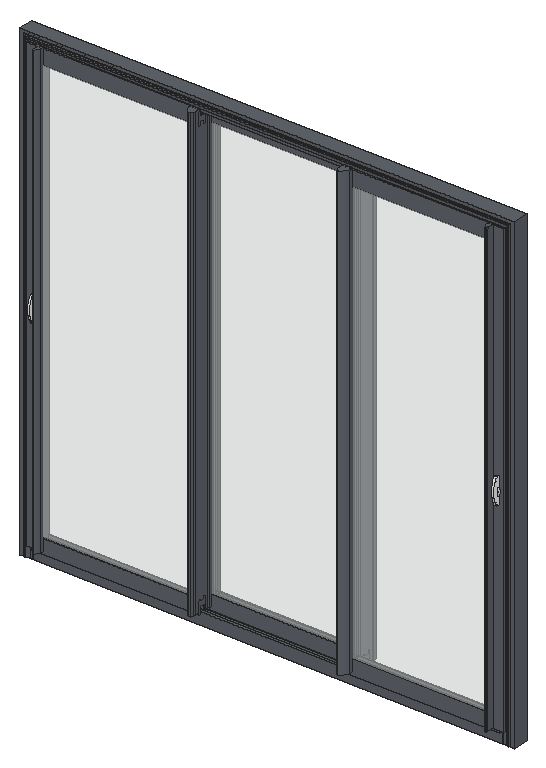
Revit family "Wicslide_65_Glass24_3_leaf_2_track_independent", category Doors, host Wall, Revit 2014 (continued)
Definition of nested family "Leaf_Wicslide_65_2_leaf_2_track_both_sliding_or_1_fixed_1slide_duble"
  Definition of nested family "window_2_pieces_glass_line"
    Dimensions and locks
      aligned and locked: curve 5 to curve 6
      aligned and locked: curve 6 to plane 8
      aligned and locked: curve 5 to curve 7
      aligned and locked: curve 7 to plane 9
      aligned and locked: plane 1 "Center (Front/Back)" to curve 9
      aligned and locked: curve 9 to plane 3 "Left"
      aligned and locked: curve 2 to curve 8
      aligned and locked: curve 3 to curve 8
      aligned and locked: curve 8 to plane 4 "Right"
      aligned and locked: curve 4 to curve 7
      aligned and locked: curve 4 to curve 6
    Automatic sketch dimensions
      curve 5 to plane 4 "Right" = 0 mm
      curve 4 to plane 4 "Right" = 0 mm
      curve 3 to plane 4 "Right" = 0 mm
      curve 2 to plane 4 "Right" = 0 mm
  Definition of nested family "Sash Verticals_1041260"
    Reference planes
      plane 1 "Center (Front/Back)": y = 0
      plane 2: z = 0
      plane 3 "Center (Left/Right)": x = 0
      plane 4: y = -36
      plane 5: y = -18
    Lines and regions (mm)
      Filled region 1, type "Concrete", in view "Ref. Level", detail levels medium
        outline origin (18.997, 3.58, 0) x (1, 0, 0) y (0, 1, 0)
          loop
            line (-18.997, -3.58) -> (-18.997, -39.58) -> (49.003, -39.58) -> (49.003, -33.697) -> (37.039, -33.697) -> (37.039, -9.697) -> (49.003, -9.697) -> (49.003, -3.58) -> (-18.997, -3.58)
      model lines, style "GLAS", in view "Ref. Level", detail levels fine
        curve 1: line (96.036, -6.117, 0) -> (56.036, -6.117, 0)
        curve 2: line (56.036, -6.117, 0) -> (56.036, -30.117, 0)
        curve 3: line (56.036, -30.117, 0) -> (96.036, -30.117, 0)
  Definition of nested family "Sash meeting 3041240"
    Reference planes
      plane 1 "Center (Front/Back)": y = 0
      plane 2: z = 0
      plane 3 "Center (Left/Right)": x = 0
      plane 4: y = -36
      plane 5: y = -18
      plane 6: x = 18.975
    Lines and regions (mm)
      Filled region 1, type "Concrete", in view "Ref. Level", detail levels medium
        outline origin (18.997, 3.58, 0) x (1, 0, 0) y (0, 1, 0)
          loop
            line (-0.022, -39.58) -> (-0.022, 5.873) -> (-18.997, 5.873) -> (-18.997, -3.58) -> (-38.023, -3.58) -> (-38.023, -9.697) -> (-26.02, -9.697) -> (-26.02, -33.697) -> (-38.023, -33.697) -> (-38.023, -39.58) -> (-0.022, -39.58)
      detail lines, style "GLAS", in view "Ref. Level", detail levels fine
        curve 1: line (-47.023, -6.117, 0) -> (-7.023, -6.117, 0)
        curve 2: line (-7.023, -6.117, 0) -> (-7.023, -30.117, 0)
        curve 3: line (-7.023, -30.117, 0) -> (-47.023, -30.117, 0)
  Definition of nested family "Sash_horizontal_1041264"
    Reference planes
      plane 1 "Center (Front/Back)": y = 0
      plane 2: z = 0
      plane 3 "Center (Left/Right)": x = 0
    Lines and regions (mm)
      Filled region 1, type "Concrete", in view "Ref. Level", detail levels medium
        outline origin (18.997, 3.58, 0) x (1, 0, 0) y (0, 1, 0)
          loop
            line (-35.168, -8.845) -> (-2.968, -8.845) -> (-2.968, 59.155) -> (-6.959, 59.155) -> (-6.959, 43.054) -> (-30.959, 43.054) -> (-30.959, 59.155) -> (-35.168, 59.155) -> (-35.168, -8.845)
      detail lines, style "GLAS", in view "Ref. Level", detail levels fine
        curve 1: line (-11.963, 46.634, 0) -> (-11.963, 86.634, 0)
        curve 2: line (12.037, 86.634, 0) -> (12.037, 46.634, 0)
        curve 26: line (-11.963, 86.634, 0) -> (-11.963, 46.634, 0)
        curve 27: line (-11.963, 46.634, 0) -> (12.037, 46.634, 0)
        curve 28: line (12.037, 46.634, 0) -> (12.037, 86.634, 0)
      detail lines, style "CENT3", in view "Ref. Level", not visible
        curve 3: line (123.517, -4.599, 0) -> (123.517, -38.599, 0)
      detail lines, style "GLAS", in view "Ref. Level", not visible
        curve 4: line (83.517, -9.599, 0) -> (123.517, -9.599, 0)
        curve 5: line (123.517, -9.599, 0) -> (123.517, -14.599, 0)
        curve 6: line (123.517, -14.599, 0) -> (83.517, -14.599, 0)
        curve 7: line (83.517, -14.599, 0) -> (83.517, -9.599, 0)
        curve 8: line (83.517, -28.599, 0) -> (123.517, -28.599, 0)
        curve 9: line (123.517, -28.599, 0) -> (123.517, -33.599, 0)
        curve 10: line (123.517, -33.599, 0) -> (83.517, -33.599, 0)
        curve 11: line (83.517, -33.599, 0) -> (83.517, -28.599, 0)
        curve 12: line (83.517, -10.599, 0) -> (123.517, -10.599, 0)
        curve 13: line (83.517, -11.599, 0) -> (123.517, -11.599, 0)
        curve 14: line (83.517, -12.599, 0) -> (123.517, -12.599, 0)
        curve 15: line (83.517, -13.599, 0) -> (123.517, -13.599, 0)
        curve 16: line (83.517, -14.599, 0) -> (123.517, -14.599, 0)
        curve 17: line (93.517, -14.599, 0) -> (93.517, -28.599, 0)
        curve 18: line (83.517, -28.599, 0) -> (123.517, -28.599, 0)
        curve 19: line (83.517, -29.599, 0) -> (123.517, -29.599, 0)
        curve 20: line (83.517, -30.599, 0) -> (123.517, -30.599, 0)
        curve 21: line (83.517, -31.599, 0) -> (123.517, -31.599, 0)
        curve 22: line (83.517, -32.599, 0) -> (123.517, -32.599, 0)
        curve 23: line (123.517, -9.599, 0) -> (83.517, -9.599, 0)
        curve 24: line (83.517, -9.599, 0) -> (83.517, -33.599, 0)
        curve 25: line (83.517, -33.599, 0) -> (123.517, -33.599, 0)
      detail lines, style "GLAS", in view "Ref. Level", not visible, detail levels fine
        curve 29: line (56.036, -6.117, 0) -> (96.036, -6.117, 0)
        curve 30: line (96.036, -30.117, 0) -> (56.036, -30.117, 0)
        curve 31: line (96.036, -6.117, 0) -> (56.036, -6.117, 0)
        curve 32: line (56.036, -6.117, 0) -> (56.036, -30.117, 0)
        curve 33: line (56.036, -30.117, 0) -> (96.036, -30.117, 0)
  Definition of nested family "Sash Verticals_1041261"
    Reference planes
      plane 1 "Center (Front/Back)": y = 0
      plane 2: z = 0
      plane 3 "Center (Left/Right)": x = 0
      plane 4: y = -36
      plane 5: y = -18
    Lines and regions (mm)
      Filled region 1, type "Concrete", in view "Ref. Level", detail levels medium
        outline origin (18.997, 3.58, 0) x (1, 0, 0) y (0, 1, 0)
          loop
            line (-18.997, -3.58) -> (-18.997, -62.58) -> (49.003, -62.58) -> (49.003, -33.697) -> (37.039, -33.697) -> (37.039, -9.697) -> (49.003, -9.697) -> (49.003, -3.58) -> (-18.997, -3.58)
      model lines, style "GLAS", in view "Ref. Level", detail levels fine
        curve 1: line (96.036, -6.117, 0) -> (56.036, -6.117, 0)
        curve 2: line (56.036, -6.117, 0) -> (56.036, -30.117, 0)
        curve 3: line (56.036, -30.117, 0) -> (96.036, -30.117, 0)
  Definition of nested family "Sash Verticals_1041262"
    Reference planes
      plane 1 "Center (Front/Back)": y = 0
      plane 2: z = 0
      plane 3 "Center (Left/Right)": x = 0
      plane 4: y = -36
      plane 5: y = -18
    Lines and regions (mm)
      Filled region 1, type "Concrete", in view "Ref. Level", detail levels medium
        outline origin (18.997, 3.58, 0) x (1, 0, 0) y (0, 1, 0)
          loop
            line (-18.997, -3.58) -> (-18.997, -39.58) -> (-2.997, -39.58) -> (-2.997, -59.58) -> (49.003, -59.58) -> (49.003, -33.697) -> (37.039, -33.697) -> (37.039, -9.697) -> (49.003, -9.697) -> (49.003, -3.58) -> (-18.997, -3.58)
      model lines, style "GLAS", in view "Ref. Level", detail levels fine
        curve 1: line (96.036, -6.117, 0) -> (56.036, -6.117, 0)
        curve 2: line (56.036, -6.117, 0) -> (56.036, -30.117, 0)
        curve 3: line (56.036, -30.117, 0) -> (96.036, -30.117, 0)
  Definition of nested family "Sash Verticals_1041263"
    Reference planes
      plane 1 "Center (Front/Back)": y = 0
      plane 2: z = 0
      plane 3 "Center (Left/Right)": x = 0
      plane 4: y = -36
      plane 5: y = -18
    Lines and regions (mm)
      Filled region 1, type "Concrete", in view "Ref. Level", detail levels medium
        outline origin (18.997, 3.58, 0) x (1, 0, 0) y (0, 1, 0)
          loop
            line (-18.997, -3.58) -> (-18.997, -39.58) -> (32.003, -39.58) -> (32.003, -64.58) -> (33.69, -72.495) -> (34.775, -73.58) -> (38.085, -73.58)
            arc (38.085, -73.58) -> (45.468, -61.921) -> (49.003, -48.58) r 45.352
            line (49.003, -48.58) -> (49.003, -33.697) -> (37.039, -33.697) -> (37.039, -9.697) -> (49.003, -9.697) -> (49.003, -3.58) -> (-18.997, -3.58)
      model lines, style "GLAS", in view "Ref. Level", detail levels fine
        curve 1: line (96.036, -6.117, 0) -> (56.036, -6.117, 0)
        curve 2: line (56.036, -6.117, 0) -> (56.036, -30.117, 0)
        curve 3: line (56.036, -30.117, 0) -> (96.036, -30.117, 0)
  Definition of nested family "Sash meeting_3041241"
    Reference planes
      plane 1 "Center (Front/Back)": y = 0
      plane 2: z = 0
      plane 3 "Center (Left/Right)": x = 0
      plane 4: y = -36
      plane 5: y = -18
      plane 6: x = 18.975
    Lines and regions (mm)
      Filled region 1, type "Concrete", in view "Ref. Level", detail levels medium
        outline origin (18.997, 3.58, 0) x (1, 0, 0) y (0, 1, 0)
          loop
            line (-0.022, -74.38) -> (-0.022, 5.873) -> (-18.997, 5.873) -> (-18.997, -3.58) -> (-38.023, -3.58) -> (-38.023, -9.697) -> (-26.02, -9.697) -> (-26.02, -33.697) -> (-38.023, -33.697) -> (-38.023, -74.38) -> (-0.022, -74.38)
      detail lines, style "GLAS", in view "Ref. Level", detail levels fine
        curve 1: line (-47.023, -6.117, 0) -> (-7.023, -6.117, 0)
        curve 2: line (-7.023, -6.117, 0) -> (-7.023, -30.117, 0)
        curve 3: line (-7.023, -30.117, 0) -> (-47.023, -30.117, 0)
  Definition of nested family "Sash meeting_3041242"
    Reference planes
      plane 1 "Center (Front/Back)": y = 0
      plane 2: z = 0
      plane 3 "Center (Left/Right)": x = 0
      plane 4: y = -36
      plane 5: y = -18
      plane 6: x = 18.975
    Lines and regions (mm)
      Filled region 1, type "Concrete", in view "Ref. Level", detail levels medium
        outline origin (18.997, 3.58, 0) x (1, 0, 0) y (0, 1, 0)
          loop
            line (-0.022, -59.127) -> (-0.022, 5.873) -> (-18.997, 5.873) -> (-18.997, -3.58) -> (-38.023, -3.58) -> (-38.023, -9.697) -> (-26.02, -9.697) -> (-26.02, -33.697) -> (-38.023, -33.697) -> (-38.023, -48.32)
            arc (-38.023, -48.32) -> (-28.034, -66.62) -> (-11.546, -79.38) r 50.906
            line (-11.546, -79.38) -> (-5.862, -79.38) -> (-4.003, -78.378) -> (-1.018, -67.237) -> (-0.022, -59.127)
      detail lines, style "GLAS", in view "Ref. Level", detail levels fine
        curve 1: line (-47.023, -6.117, 0) -> (-7.023, -6.117, 0)
        curve 2: line (-7.023, -6.117, 0) -> (-7.023, -30.117, 0)
        curve 3: line (-7.023, -30.117, 0) -> (-47.023, -30.117, 0)
  Definition of nested family "Sash_lock"
    Reference planes
      plane 1 "Center (Front/Back)": y = 0
      plane 2: z = 0
      plane 3 "Center (Left/Right)": x = 0
      plane 4: y = -36
      plane 5: y = -18
  Definition of nested family "wicona_handle_2d"
    Reference planes
      plane 1 "Center (Front/Back)": y = 0
      plane 2: z = 0
      plane 3 "Center (Left/Right)": x = 0
    Lines and regions (mm)
      Filled region 1, type "Concrete", in view "Ref. Level", detail levels medium
        outline origin (18.997, 3.58, 0) x (1, 0, 0) y (0, 1, 0)
          loop
            line (-32.997, -3.58) -> (-32.997, -9.933) -> (-24.997, -13.663) -> (-24.997, -27.833) -> (-22.937, -29.893) -> (-14.406, -29.893) -> (-13.407, -28.894) -> (-12.884, -13.903) -> (-10.056, -13.145) -> (-10.056, -16.127) -> (-7.132, -23.016) -> (0.376, -23.016) -> (1.978, -21.414) -> (0.932, -15.482) -> (-2.662, -8.313) -> (-7.394, -3.58) -> (-32.997, -3.58)
      model lines, style "PIECES", in view "Ref. Level", detail levels fine
        curve 1: arc (14, -1.6, 0) -> (13.707, -0.893, 0) -> (13, -0.6, 0) r 1
        curve 2: arc (6.221, -10.26, 0) -> (7.596, -9.888, 0) -> (8.949, -9.443, 0) r 26.5
        curve 3: arc (-13.393, -7.367, 0) -> (-9.913, -9.076, 0) -> (-6.221, -10.26, 0) r 26.5
        curve 4: arc (11.211, -7.242, 0) -> (11.535, -6.913, 0) -> (11.677, -6.473, 0) r 1
        curve 5: line (11.793, -0.6, 0) -> (12.052, -0.6, 0)
        curve 6: line (12.052, -0.6, 0) -> (13, -0.6, 0)
        curve 7: line (8.949, -12.262, 0) -> (8.949, -8.492, 0)
        curve 8: line (-4.591, -26.312, 0) -> (4.591, -26.312, 0)
        curve 9: line (-5.814, -25, 0) -> (-6.068, -10.451, 0)
        curve 10: line (-6.068, -10.451, 0) -> (-6.221, -10.26, 0)
        curve 11: line (5.815, -24.927, 0) -> (6.068, -10.451, 0)
        curve 12: line (6.068, -10.451, 0) -> (6.221, -10.26, 0)
        curve 13: line (11.211, -7.242, 0) -> (10.341, -7.762, 0)
        curve 14: line (10.341, -7.762, 0) -> (9.463, -8.24, 0)
        curve 15: line (9.463, -8.24, 0) -> (8.565, -8.68, 0)
        curve 16: line (8.565, -8.68, 0) -> (7.649, -9.083, 0)
        curve 17: line (7.505, -9.142, 0) -> (7.006, -9.364, 0)
        curve 18: line (-13.393, -7.367, 0) -> (-13.886, -6.543, 0)
        curve 19: line (-13.886, -6.543, 0) -> (-14, 0, 0)
        curve 20: line (-14, 0, 0) -> (11.805, 0, 0)
        curve 21: line (11.805, 0, 0) -> (11.786, -1, 0)
        curve 22: line (11.786, -1, 0) -> (11.766, -2, 0)
        curve 23: line (11.766, -2, 0) -> (11.747, -2.999, 0)
        curve 24: line (11.747, -2.999, 0) -> (11.727, -3.999, 0)
        curve 25: line (11.727, -3.999, 0) -> (11.708, -4.999, 0)
        curve 26: line (11.708, -4.999, 0) -> (11.688, -5.999, 0)
        curve 27: line (11.688, -5.999, 0) -> (11.68, -6.413, 0)
        curve 28: line (12.793, -0.754, 0) -> (13.413, -1.137, 0)
        curve 29: line (13.413, -1.137, 0) -> (14.151, -1.812, 0)
        curve 30: line (14.151, -1.812, 0) -> (14.853, -2.523, 0)
        curve 31: line (14.853, -2.523, 0) -> (15.519, -3.269, 0)
        curve 32: line (15.519, -3.269, 0) -> (16.149, -4.046, 0)
        curve 33: line (16.149, -4.046, 0) -> (16.743, -4.851, 0)
        curve 34: line (16.743, -4.851, 0) -> (17.301, -5.68, 0)
        curve 35: line (17.301, -5.68, 0) -> (17.61, -6.174, 0)
        curve 36: line (12.052, -0.6, 0) -> (12.765, -0.743, 0)
        curve 37: line (17.643, -6.231, 0) -> (18.091, -7.125, 0)
        curve 38: line (18.091, -7.125, 0) -> (18.508, -8.034, 0)
        curve 39: line (18.508, -8.034, 0) -> (18.897, -8.955, 0)
        curve 40: line (18.897, -8.955, 0) -> (19.257, -9.888, 0)
        curve 41: line (19.257, -9.888, 0) -> (19.59, -10.831, 0)
        curve 42: line (19.59, -10.831, 0) -> (19.895, -11.783, 0)
        curve 43: line (19.895, -11.783, 0) -> (20.172, -12.744, 0)
        curve 44: line (20.172, -12.744, 0) -> (20.422, -13.712, 0)
        curve 45: line (20.422, -13.712, 0) -> (20.645, -14.687, 0)
        curve 46: line (20.645, -14.687, 0) -> (20.841, -15.667, 0)
        curve 47: line (20.841, -15.667, 0) -> (21.011, -16.653, 0)
        curve 48: line (21.011, -16.653, 0) -> (21.043, -16.863, 0)
        curve 49: line (21.043, -16.863, 0) -> (20.974, -17.852, 0)
        curve 50: line (20.974, -17.852, 0) -> (20.702, -18.43, 0)
        curve 51: line (20.702, -18.43, 0) -> (20.014, -19.149, 0)
        curve 52: line (20.014, -19.149, 0) -> (19.107, -19.554, 0)
        curve 53: line (19.107, -19.554, 0) -> (18.664, -19.6, 0)
        curve 54: line (18.664, -19.6, 0) -> (16.934, -19.6, 0)
        curve 55: line (16.934, -19.6, 0) -> (15.934, -19.6, 0)
        curve 56: line (15.934, -19.6, 0) -> (14.934, -19.6, 0)
        curve 57: line (14.934, -19.6, 0) -> (13.934, -19.6, 0)
        curve 58: line (13.934, -19.6, 0) -> (13.413, -19.6, 0)
        curve 59: line (13.413, -19.6, 0) -> (12.446, -19.377, 0)
        curve 60: line (12.446, -19.377, 0) -> (11.651, -18.781, 0)
        curve 61: line (11.651, -18.781, 0) -> (11.243, -18.216, 0)
        curve 62: line (11.243, -18.216, 0) -> (10.768, -17.336, 0)
        curve 63: line (10.768, -17.336, 0) -> (10.324, -16.441, 0)
        curve 64: line (10.324, -16.441, 0) -> (9.909, -15.531, 0)
        curve 65: line (9.909, -15.531, 0) -> (9.525, -14.608, 0)
        curve 66: line (9.525, -14.608, 0) -> (9.171, -13.672, 0)
        curve 67: line (9.162, -13.647, 0) -> (8.966, -12.67, 0)
        curve 68: line (8.963, -12.62, 0) -> (8.951, -12.312, 0)
        curve 69: arc (-5.814, -25, 0) -> (-5.429, -25.928, 0) -> (-4.501, -26.312, 0) r 1.312
        curve 70: arc (4.591, -26.312, 0) -> (5.454, -25.955, 0) -> (5.812, -25.091, 0) r 1.221
Definition of nested family "Frame_1041231"
  Reference planes
    plane 1 "Center (Front/Back)": y = 0
    plane 2: z = 0
    plane 3 "Center (Left/Right)": x = 0
  Lines and regions (mm)
    Filled region 1, type "Concrete", in view "Ref. Level", detail levels medium
      outline origin (18.997, 3.58, 0) x (1, 0, 0) y (0, 1, 0)
        loop
          line (-18.997, -3.58) -> (-18.997, -68.58) -> (28.505, -68.58) -> (28.505, -56.58) -> (9.034, -56.58) -> (9.034, -15.58) -> (28.505, -15.58) -> (28.505, -3.58) -> (-18.997, -3.58)
Definition of nested family "Frame_1041226"
  Reference planes
    plane 1 "Center (Front/Back)": y = 0
    plane 2: z = 0
    plane 3 "Center (Left/Right)": x = 0
    plane 4: y = -65
  Lines and regions (mm)
    Filled region 1, type "Concrete", in view "Ref. Level", detail levels medium
      outline origin (18.997, 3.58, 0) x (1, 0, 0) y (0, 1, 0)
        loop
          line (-18.997, -3.58) -> (-18.997, -68.58) -> (-2.997, -68.58) -> (-2.997, -63.512) -> (-1.065, -61.58) -> (3.709, -61.58) -> (3.709, -70.58) -> (9.471, -70.58) -> (22.099, -68.58) -> (35.503, -68.58) -> (35.503, -56.58) -> (16.07, -56.58) -> (16.07, -15.58) -> (35.503, -15.58) -> (35.503, -3.58) -> (-18.997, -3.58)
Definition of nested family "Frame_Bottom_1041232"
  Reference planes
    plane 1 "Center (Front/Back)": y = 0
    plane 2: z = 0
    plane 3 "Center (Left/Right)": x = 0
    plane 4: y = -65
  Lines and regions (mm)
    Filled region 1, type "Concrete", in view "Ref. Level", detail levels medium
      outline origin (18.997, -68.58, 0) x (0, -1, 0) y (1, 0, 0)
        loop
          line (19.42, 13.237) -> (19.42, 28.505) -> (-15.58, 28.505) -> (-15.58, 9.034) -> (-56.58, 9.034) -> (-56.58, 28.505) -> (-68.58, 28.505) -> (-68.58, -18.997) -> (-3.58, -18.997) -> (-3.58, -2.747) -> (10.554, -2.747)
          arc (10.554, -2.747) -> (15.822, 4.781) -> (19.42, 13.237) r 44.207
Definition of nested family "Seal"
  Reference planes
    plane 1 "Center (Front/Back)": y = 0
    plane 2: z = 0
    plane 3 "Center (Left/Right)": x = 0
Definition of nested family "sliding door_coarse"
  Parameters (values of type "52")
    line = 52 mm
    built-in parameter 1001306 [instance] = 1400 mm
    Glass Thickness = 52 mm
  Types (4, lengths in mm): name | line | built-in parameter 1001306 | Glass Thickness
    36 | 36 | 1200 | 36
    40 | 40 | 1200 | 40
    44 | 44 | 1400 | 44
    52 | 52 | 1400 | 52
  Reference planes
    plane 1 "Center (Front/Back)": y = 0
    plane 2: z = 0
    plane 3 "Left": x = 0
    plane 4 "Right": x = 1400
    plane 5: y = 26
    plane 6: y = -26
    plane 7: x = 52
    plane 8: x = 1348
  Lines and regions (mm)
    reference lines, in view "Ref. Level"
      curve 1: line (52, 0, 0) -> (1348, 0, 0)
    detail lines, in view "Ref. Level", detail levels coarse
      curve 2: line (0, 26, 0) -> (1400, 26, 0)
      curve 3: line (0, -26, 0) -> (1400, -26, 0)
      curve 4: line (52, 0, 0) -> (1348, 0, 0)
    model lines, style "DetailComponents", in view "Ref. Level", detail levels coarse
      curve 5: line (1400, 26, 0) -> (1400, -26, 0)
    detail lines, style "DetailComponents", in view "Ref. Level", detail levels coarse
      curve 6: line (0, 26, 0) -> (0, -26, 0)
      curve 7: line (52, 26, 0) -> (52, -26, 0)
      curve 8: line (1348, 26, 0) -> (1348, -26, 0)
  Dimensions and locks
    "built-in parameter 1001306": plane 3 "Left" to plane 4 "Right"
    "line": plane 3 "Left" to plane 7
    "line": plane 8 to plane 4 "Right"
    "Glass Thickness": plane 5 to plane 6
    equal spacing: plane 5, plane 1 "Center (Front/Back)", plane 6
    aligned and locked: plane 1 "Center (Front/Back)" to curve 1
    aligned and locked: plane 5 to curve 2
    aligned and locked: curve 6 to plane 3 "Left"
    aligned and locked: curve 2 to curve 5
    aligned and locked: curve 3 to curve 5
    aligned and locked: curve 5 to plane 4 "Right"
    aligned and locked: curve 7 to plane 7
    aligned and locked: curve 8 to plane 5
    aligned and locked: curve 8 to plane 8
    aligned and locked: plane 7 to curve 4
    aligned and locked: plane 8 to curve 4
    aligned and locked: plane 6 to curve 3
    aligned and locked: curve 1 to curve 4
  Automatic sketch dimensions
    curve 3 to plane 4 "Right" = 0 mm
    curve 2 to plane 4 "Right" = 0 mm
    curve 1 to plane 8 = 0 mm
    curve 1 to plane 7 = 0 mm
